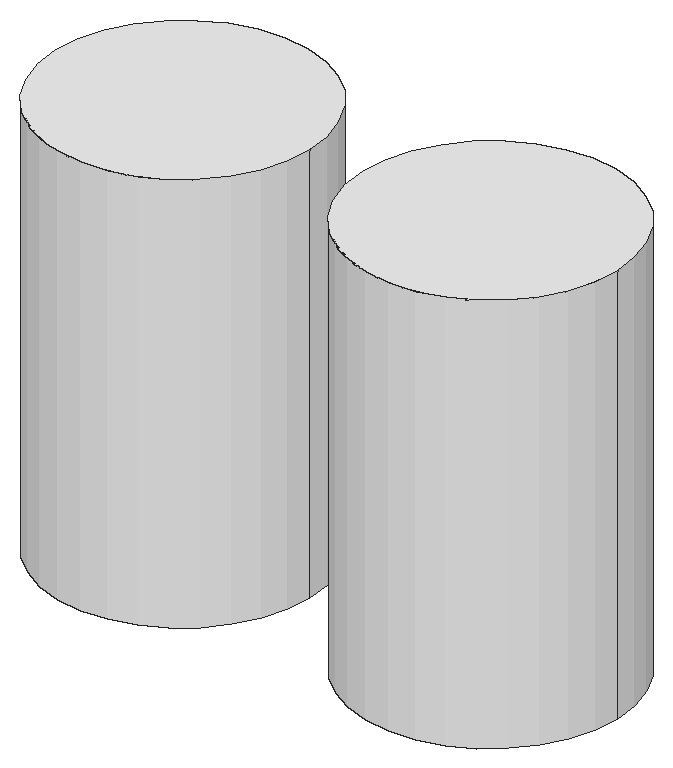
Revit family "514222930037", category Plumbing Fixtures, Revit 2018
Family settings
  Round Connector Dimension = Use Diameter
  Part Type = Normal
  OmniClass Number = 23.45.55.00
  OmniClass Title = Sanitary Faucets, Wastes
  Work Plane-Based = No
  Always vertical = Yes
  Cut with Voids When Loaded = No
  Shared = No
  Room Calculation Point = No
Parameters (values of type "514222930037 Washbasin faucet ")
  WorkingPressure = "50 - 1000 kPa"
  Working Pressure = "50 - 1000 kPa"
  WarrantyStartDate [instance] = "n/a"
  WarrantyGuarantorParts = "n/a"
  WarrantyGuarantorLabor = "n/a"
  WarrantyDurationUnit = "Year"
  WarrantyDurationParts = "n/a"
  WarrantyDurationLabor = "n/a"
  WarrantyDescription = "http://warranty.hansa.com"
  Warranty Information URL = "http://warranty.hansa.com"
  VersionDate = "01/07/2022"
  Version = "3"  # constant formula
  ValvePattern = "n/a"
  ValveOperation = "n/a"
  ValveMechanism = "n/a"
  Uniclass2015Reference = "Pr_40_20_87_96"
  Uniclass2015Description = "Washbasin manual water supply sets"
  Uniclass2 = "Pr_40_30_96_96"
  URL REACH = "http://static.hansa.com/doc/reach"
  URL Global Mark = "http://static.hansa.com/Globalmark/514222930037"
  URL Declaration of Conformity = "http://static.hansa.com/DoC/514222930037"
  URL = ""
  UNSPSC Class Number = "30181700 Faucets or taps"
  TestPressure = "n/a"
  Temperature Adjustments = "Limitation option for maximum temperature and flow-rate ;Adjustable hot water stop (included, retrofittable)"
  Temperature = "Temperature limiter;Temperature limiter (retrofittable)"
  Technical DataSheet URL = "http://www.hansa.com/datasheet/514222930037/en"
  TagNumber [instance] = "n/a"
  SustainabilityPerformance = "n/a"
  Surface treatment = "Chrome"
  Spout Type = "Fixed spout"
  Spout Projection = "103 mm"
  Size = "48.5x137x136 mm"
  Shape = "Sculptured"
  SerialNumber [instance] = "n/a"
  Sales Package dimensions (LxWxH) = "540.0 x 146.0 x 59.0"
  Revision = "3"  # constant formula
  ReplacementCost = "n/a"
  ProductInformation = "Washbasin faucet with fixed spout and aerator"
  Product URL = "http://static.hansa.com/514222930037"
  Product Image URL = "http://static.hansa.com/image/514222930037"
  Product Family = "HANSAPOLO "
  Product Code = "514222930037"
  OperatingMechanismMaterial = "n/a"
  NominalWidth = 48.5 mm
  NominalHeight = 137 mm
  NominalDepth = 137 mm
  Noise Class = "I (ISO3822)"
  Name_en = "514222930037 Washbasin faucet"
  Name = "514222930037 Washbasin faucet"
  NBSReference = "45-35-70/371"
  NBSDescription = "Water supply fittings for wash basins and troughs"
  Mounting Holes = "1 hole"
  ModelReference = "514222930037"
  ModelNumber = "n/a"
  Model = "514222930037 Washbasin faucet"
  Mobile Product Information URL = "http://mpi.hansa.com/514222930037"
  Mechanical Parts = "ø 35 mm ceramic cartridge for flow and temperature control"
  Max. Hot Water Supply = 70 °C
  Material = "Brass"
  Market = "International;Australia"
  ManufacturerURL = "http://www.hansa.com"
  ManufacturerName = "HANSA"
  Manufacturer = "HANSA"
  Lever Handle = "Hot/Cold symbols;Single operating lever/handle"
  Interactive AR View URL = "https://static.hansa.com/AR/514222930037"
  InstallationDate [instance] = "n/a"
  Installation and Maintenance Guide URL = "http://static.hansa.com/manual/514222930037"
  Installation Type = "Deck mounted"
  InletConnectionSize = 19 mm
  IfcExportType = "FAUCET"  # constant formula
  IfcExportAs = "IfcValveType"  # constant formula
  Group = "Washbasin faucet"
  Grade = "n/a"
  FlowCoefficient = 0
  Flow Rate At 300kPa With Flow Controller = 0.1 L/s
  Flow Drawing URL = "http://static.hansa.com/flowchart/514222930037"
  Finish = "Polished"
  Features = "Single-lever"
  FaucetMainMaterial = Brass
  FDV Document URL = "http://www.hansa.com/datasheet/514222930037/en/fdv"
  ExpectedLife = "n/a"
  Excluded Items = "Without pop-up waste;Without draw-rod opening"
  ETIM Class Number = "EC011328 Washbasin mixing tap"
  EN Standard = "EN 817"
  EAN Number = "4057304004032"
  DurationUnit = "Year"
  Dimension Drawing URL = "http://static.hansa.com/dimdrw/514222930037"
  Description = "Washbasin faucet with fixed spout and aerator"
  DefaultElevation [instance] = 900 mm
  Constituents = "n/a"
  Connection Size = "G1/2"
  Connection = "Flexible inlet pipes"
  Color = "Chrome"
  CodePerformance = "n/a"
  CloseOffRating = 0
  Certificate Global Mark = "GM-WM-040199-I02-R00"
  Category = "Bathroom"
  Catalog Drawing URL = "http://static.hansa.com/catdrw/514222930037"
  Brand = "HANSA"
  BodyMaterial = "Brass"
  Barcode [instance] = "n/a"
  Backflow Prevention EN1717 = "AA"
  BIMObjectName = "514222930037"
  Author = "BIMStone"
  AssetType = "Fixed"
  AssetIdentifier [instance] = "n/a"
  Aerator = "PCA® - constant flow rate regardless of pressure variations"
  Advanced Features = "Inner body made of DZR brass;Rapid installation system"
  AccessibilityPerformance = "n/a"
  3D View = "https://static.hansa.com/3D/514222930037"
  2D/3D/BIM Files URL = "http://static.hansa.com/bim/514222930037"
Reference planes
  plane 1 "Center (Front/Back)": y = 0
  plane 2: z = 0
  plane 3 "Center (Left/Right)": x = 0
  plane 4: x = -24.25
  plane 5: z = 1037
  plane 6: z = 900
  plane 7: z = 870
  plane 8: y = -137
  plane 9: x = 24.25
Forms (mm)
  Extrusion 1, solid, material "Brass" <- "FaucetMainMaterial"
    sketch origin (0, 0, 0) x (1, 0, 0) y (0, 1, 0)
      loop
        circle (-11.5, -22.5) r 9.5
      loop
        circle (11.5, -22.5) r 9.5
    from 870 to 900
  Extrusion 2, solid, material "Brass" <- "FaucetMainMaterial", detail levels medium
    sketch origin (0, 0, 0) x (0, 1, 0) y (0, 0, 1)
      loop
        line (-11.837, 1037) -> (-124.122, 1037) -> (-122.074, 1028.126) -> (-62.2, 1027.177)
        arc (-62.2, 1027.177) -> (-58.651, 1025.78) -> (-57.131, 1022.282) r 4.983
        line (-57.131, 1022.282) -> (-56.683, 996.618) -> (-137, 989.601) -> (-137, 987.69) -> (-131.699, 983.242) -> (-135.856, 977.305) -> (-116.182, 963.529) -> (-114.062, 966.556) -> (-77.551, 967.193)
        arc (-77.551, 967.193) -> (-59.309, 959.809) -> (-50.685, 942.118) r 27.474
        line (-50.685, 942.118) -> (-47, 900) -> (0, 900) -> (-11.837, 1037)
    from -24.25 to 24.25
  Extrusion 3, solid, material "Brass" <- "FaucetMainMaterial", detail levels coarse
    sketch origin (0, 0, 0) x (1, 0, 0) y (0, 1, 0)
      loop
        line (-24.25, 0) -> (-24.25, -137) -> (24.25, -137) -> (24.25, 0) -> (-24.25, 0)
    from 900 to 1037
Lines and regions (mm)
  symbolic lines, detail levels medium+fine
    curve 1: line (0, 0, 900) -> (-23.5, 0, 900)
    curve 2: line (-23.5, 0, 900) -> (-23.5, 0, 998.12)
    curve 3: spline (-24.25, 0, 1002.285) -> (-24.238, 0, 1002.205) -> (-24.201, 0, 1002.125) -> (-24.14, 0, 1002.045) -> (-24.055, 0, 1001.966) -> (-23.945, 0, 1001.886) -> (-23.812, 0, 1001.808) -> (-23.654, 0, 1001.729) -> (-23.472, 0, 1001.651) -> (-23.267, 0, 1001.574) -> (-23.039, 0, 1001.498) -> (-22.787, 0, 1001.422) -> (-22.512, 0, 1001.347)
    curve 4: arc (-24.25, 0, 1002.285) -> (-23.247, 0, 1017.942) -> (-21.807, 0, 1033.565) r 561.53
    curve 5: line (-20.482, 0, 1035.174) -> (-14.32, 0, 1036.261)
    curve 6: arc (-14.32, 0, 1036.261) -> (-9.879, 0, 1036.835) -> (-5.404, 0, 1037) r 48.793
    curve 7: line (-5.404, 0, 1037) -> (0, 0, 1037)
    curve 9: line (0, 0, 900) -> (23.5, 0, 900)
    curve 10: line (23.5, 0, 900) -> (23.5, 0, 998.12)
    curve 11: spline (24.25, 0, 1002.285) -> (24.238, 0, 1002.205) -> (24.201, 0, 1002.125) -> (24.14, 0, 1002.045) -> (24.055, 0, 1001.966) -> (23.945, 0, 1001.886) -> (23.812, 0, 1001.808) -> (23.654, 0, 1001.729) -> (23.472, 0, 1001.651) -> (23.267, 0, 1001.574) -> (23.039, 0, 1001.498) -> (22.787, 0, 1001.422) -> (22.512, 0, 1001.347)
    curve 12: arc (24.25, 0, 1002.285) -> (23.247, 0, 1017.942) -> (21.807, 0, 1033.565) r 561.53
    curve 13: line (20.482, 0, 1035.174) -> (14.32, 0, 1036.261)
    curve 14: arc (14.32, 0, 1036.261) -> (9.879, 0, 1036.835) -> (5.404, 0, 1037) r 48.793
    curve 15: line (5.404, 0, 1037) -> (0, 0, 1037)
    curve 16: line (-22.633, 0, 998.988) -> (-22.512, 0, 1001.347)
    curve 17: line (22.633, 0, 998.988) -> (22.512, 0, 1001.347)
    curve 18: arc (-22.633, 0, 998.988) -> (-23.246, 0, 998.734) -> (-23.5, 0, 998.12) r 0.867
    curve 19: arc (22.633, 0, 998.988) -> (23.246, 0, 998.734) -> (23.5, 0, 998.12) r 0.867
    curve 20: arc (-20.482, 0, 1035.174) -> (-21.441, 0, 1034.614) -> (-21.807, 0, 1033.565) r 1.605
    curve 21: arc (20.482, 0, 1035.174) -> (21.441, 0, 1034.614) -> (21.807, 0, 1033.565) r 1.605
    curve 59: line (0, 0, 900) -> (0, -47, 900)
    curve 60: line (0, -47, 900) -> (0, -50.685, 942.118)
    curve 61: arc (0, -50.685, 942.118) -> (0, -59.309, 959.809) -> (0, -77.551, 967.193) r 27.474
    curve 62: line (0, -77.551, 967.193) -> (0, -109.985, 966.627)
    curve 63: arc (0, -109.985, 966.627) -> (0, -111.706, 966.9) -> (0, -113.23, 967.744) r 5.017
    curve 65: line (0, -136.087, 989.68) -> (0, -56.683, 996.618)
    curve 66: line (0, -56.683, 996.618) -> (0, -57.131, 1022.282)
    curve 67: arc (0, -57.131, 1022.282) -> (0, -58.651, 1025.78) -> (0, -62.2, 1027.177) r 4.983
    curve 68: line (0, -62.2, 1027.177) -> (0, -118.76, 1028.074)
    curve 69: arc (0, -118.76, 1028.074) -> (0, -121.312, 1028.98) -> (0, -122.794, 1031.248) r 4.237
    curve 70: line (0, -122.794, 1031.248) -> (0, -123.357, 1033.686)
    curve 71: arc (0, -123.357, 1033.686) -> (0, -123.101, 1034.795) -> (0, -122.07, 1035.277) r 1.299
    curve 72: line (0, -122.07, 1035.277) -> (0, -83.546, 1036.623)
    curve 73: arc (0, -83.546, 1036.623) -> (0, -75.229, 1036.862) -> (0, -66.91, 1037) r 680.589
    curve 74: arc (0, -66.91, 1037) -> (0, -40.52, 1036.693) -> (0, -14.169, 1035.22) r 597.328
    curve 75: arc (0, -14.169, 1035.22) -> (0, -13.191, 1034.767) -> (0, -12.746, 1033.786) r 1.547
    curve 76: line (0, -12.746, 1033.786) -> (0, -9.744, 1014.834)
    curve 77: line (0, -9.744, 1014.834) -> (0, -15.314, 1011.619)
    curve 78: arc (0, -15.314, 1011.619) -> (0, -12.568, 1006.368) -> (0, -11.235, 1000.594) r 23.302
    curve 79: arc (0, -137, 988.684) -> (0, -136.737, 989.36) -> (0, -136.087, 989.68) r 1
    curve 80: arc (0, -137, 988.156) -> (0, -136.906, 987.733) -> (0, -136.643, 987.39) r 1
    curve 81: line (0, -137, 988.684) -> (0, -137, 988.156)
    curve 82: line (0, -116.182, 963.529) -> (0, -135.856, 977.305)
    curve 83: line (0, -131.699, 983.242) -> (0, -135.856, 977.305)
    curve 84: line (0, -113.23, 967.744) -> (0, -116.182, 963.529)
    curve 85: line (0, -131.699, 983.242) -> (0, -136.643, 987.39)
    curve 89: line (0, -11.235, 1000.594) -> (0, -8.819, 1000.805)
    curve 91: line (0, -137, 0) -> (-6.831, -137, 0)
    curve 92: arc (-6.831, -137, 0) -> (-9.954, -136.71, 0) -> (-12.97, -135.849, 0) r 16.95
    curve 93: arc (-12.97, -135.849, 0) -> (-13.9, -135.32, 0) -> (-14.637, -134.545, 0) r 3.659
    curve 94: arc (-14.637, -134.545, 0) -> (-15.74, -132.603, 0) -> (-16.449, -130.485, 0) r 11.565
    curve 95: line (-16.449, -130.485, 0) -> (-22.722, -40.776, 0)
    curve 96: line (0, -137, 0) -> (6.831, -137, 0)
    curve 97: arc (6.831, -137, 0) -> (9.954, -136.71, 0) -> (12.97, -135.849, 0) r 16.95
    curve 98: arc (12.97, -135.849, 0) -> (13.9, -135.32, 0) -> (14.637, -134.545, 0) r 3.659
    curve 99: arc (14.637, -134.545, 0) -> (15.74, -132.603, 0) -> (16.449, -130.485, 0) r 11.565
    curve 100: line (16.449, -130.485, 0) -> (22.722, -40.776, 0)
    curve 102: spline (23.357, -26.09, 0) -> (23.666, -27.298, 0) -> (23.911, -28.52, 0) -> (24.09, -29.752, 0) -> (24.203, -30.993, 0) -> (24.249, -32.237, 0) -> (24.228, -33.482, 0) -> (24.141, -34.725, 0) -> (23.988, -35.961, 0) -> (23.769, -37.187, 0) -> (23.484, -38.401, 0) -> (23.135, -39.598, 0) -> (22.722, -40.776, 0)
    curve 103: arc (23.357, -26.09, 0) -> (0, 0, 0) -> (-23.357, -26.09, 0) r 23.5
    curve 112: spline (-22.722, -40.776, 0) -> (-23.135, -39.598, 0) -> (-23.484, -38.401, 0) -> (-23.769, -37.187, 0) -> (-23.988, -35.961, 0) -> (-24.141, -34.725, 0) -> (-24.228, -33.482, 0) -> (-24.249, -32.237, 0) -> (-24.203, -30.993, 0) -> (-24.09, -29.752, 0) -> (-23.911, -28.52, 0) -> (-23.666, -27.298, 0) -> (-23.357, -26.09, 0)
    curve 117: line (0, 0, 900) -> (0, -8.819, 1000.805)
  symbolic lines, detail levels fine
    curve 8: spline (-22.512, 0, 1001.347) -> (-19.863, 0, 1000.838) -> (-16.168, 0, 1000.405) -> (-11.62, 0, 1000.071) -> (-6.46, 0, 999.854) -> (-0.96, 0, 999.765) -> (4.591, 0, 999.808) -> (9.899, 0, 999.982) -> (14.687, 0, 1000.278) -> (18.7, 0, 1000.679) -> (21.728, 0, 1001.165) -> (23.611, 0, 1001.71) -> (24.25, 0, 1002.285)
    curve 22: line (-15.899, 0, 1034.548) -> (-15.72, 0, 1031.125)
    curve 23: arc (-15.72, 0, 1031.125) -> (-14.393, 0, 1028.344) -> (-11.489, 0, 1027.315) r 4.026
    curve 24: line (-11.489, 0, 1027.315) -> (0, 0, 1027.315)
    curve 25: arc (-14.32, 0, 1036.261) -> (-15.47, 0, 1035.737) -> (-15.899, 0, 1034.548) r 1.629
    curve 26: line (15.899, 0, 1034.548) -> (15.72, 0, 1031.125)
    curve 27: arc (15.72, 0, 1031.125) -> (14.393, 0, 1028.344) -> (11.489, 0, 1027.315) r 4.026
    curve 28: line (11.489, 0, 1027.315) -> (0, 0, 1027.315)
    curve 29: arc (14.32, 0, 1036.261) -> (15.47, 0, 1035.737) -> (15.899, 0, 1034.548) r 1.629
    curve 30: spline (-22.633, 0, 998.988) -> (-21.861, 0, 998.451) -> (-19.6, 0, 997.951) -> (-16.004, 0, 997.522) -> (-11.316, 0, 997.193) -> (-5.858, 0, 996.986) -> (0, 0, 996.915) -> (5.858, 0, 996.986) -> (11.316, 0, 997.193) -> (16.004, 0, 997.522) -> (19.6, 0, 997.951) -> (21.861, 0, 998.451) -> (22.633, 0, 998.988)
    curve 31: spline (10.74, 0, 970.347) -> (10.374, 0, 971.955) -> (9.301, 0, 973.453) -> (7.594, 0, 974.74) -> (5.37, 0, 975.728) -> (2.78, 0, 976.349) -> (0, 0, 976.56) -> (-2.78, 0, 976.349) -> (-5.37, 0, 975.728) -> (-7.594, 0, 974.74) -> (-9.301, 0, 973.453) -> (-10.374, 0, 971.955) -> (-10.74, 0, 970.347) -> (-10.374, 0, 968.738) -> (-9.301, 0, 967.24) -> (-7.594, 0, 965.953) -> (-5.37, 0, 964.965) -> (-2.78, 0, 964.345) -> (0, 0, 964.133) -> (2.78, 0, 964.345) -> (5.37, 0, 964.965) -> (7.594, 0, 965.953) -> (9.301, 0, 967.24) -> (10.374, 0, 968.738) -> (10.74, 0, 970.347)
    curve 32: line (-10.74, 0, 970.347) -> (-10.74, 0, 977.121)
    curve 33: line (10.74, 0, 970.347) -> (10.74, 0, 977.121)
    curve 34: spline (-10.74, 0, 970.633) -> (-11.115, 0, 971.144) -> (-11.425, 0, 971.671) -> (-11.668, 0, 972.211) -> (-11.842, 0, 972.761) -> (-11.948, 0, 973.317) -> (-11.983, 0, 973.877) -> (-11.948, 0, 974.437) -> (-11.842, 0, 974.993) -> (-11.668, 0, 975.543) -> (-11.425, 0, 976.083) -> (-11.115, 0, 976.61) -> (-10.74, 0, 977.121)
    curve 35: line (-11.983, 0, 973.877) -> (-11.983, 0, 976.203)
    curve 36: line (11.983, 0, 973.877) -> (11.983, 0, 976.203)
    curve 37: spline (-11.983, 0, 976.203) -> (-11.574, 0, 978.096) -> (-10.377, 0, 979.86) -> (-8.473, 0, 981.375) -> (-5.991, 0, 982.538) -> (-3.101, 0, 983.269) -> (0, 0, 983.518) -> (3.101, 0, 983.269) -> (5.991, 0, 982.538) -> (8.473, 0, 981.375) -> (10.377, 0, 979.86) -> (11.574, 0, 978.096) -> (11.983, 0, 976.203)
    curve 38: spline (-10.74, 0, 977.121) -> (-9.578, 0, 978.273) -> (-8.088, 0, 979.275) -> (-6.321, 0, 980.092) -> (-4.338, 0, 980.696) -> (-2.207, 0, 981.067) -> (0, 0, 981.192) -> (2.207, 0, 981.067) -> (4.338, 0, 980.696) -> (6.321, 0, 980.092) -> (8.088, 0, 979.275) -> (9.578, 0, 978.273) -> (10.74, 0, 977.121)
    curve 39: spline (10.74, 0, 977.121) -> (11.115, 0, 976.61) -> (11.425, 0, 976.083) -> (11.668, 0, 975.543) -> (11.842, 0, 974.993) -> (11.948, 0, 974.437) -> (11.983, 0, 973.877) -> (11.948, 0, 973.317) -> (11.842, 0, 972.761) -> (11.668, 0, 972.211) -> (11.425, 0, 971.671) -> (11.115, 0, 971.144) -> (10.74, 0, 970.633)
    curve 40: line (-23.5, 0, 998.12) -> (-17.681, 0, 988.808)
    curve 41: line (-17.681, 0, 988.808) -> (-16.86, 0, 987.494)
    curve 42: arc (-16.86, 0, 987.494) -> (-15.964, 0, 986.671) -> (-14.772, 0, 986.423) r 2.289
    curve 43: line (-3.71, 0, 987.138) -> (-14.772, 0, 986.423)
    curve 44: arc (-3.71, 0, 987.138) -> (-1.858, 0, 987.301) -> (0, 0, 987.355) r 31.816
    curve 45: line (23.5, 0, 998.12) -> (16.86, 0, 987.494)
    curve 46: arc (16.86, 0, 987.494) -> (15.963, 0, 986.67) -> (14.77, 0, 986.422) r 2.29
    curve 47: line (3.71, 0, 987.138) -> (14.77, 0, 986.422)
    curve 48: arc (3.71, 0, 987.138) -> (1.858, 0, 987.301) -> (0, 0, 987.355) r 31.816
    curve 49: line (-23.5, 0, 988.518) -> (-18.651, 0, 977.627)
    curve 50: arc (-18.651, 0, 977.627) -> (-15.357, 0, 972.753) -> (-10.589, 0, 969.307) r 16.858
    curve 51: line (23.5, 0, 988.518) -> (18.651, 0, 977.627)
    curve 52: arc (18.651, 0, 977.627) -> (15.357, 0, 972.753) -> (10.589, 0, 969.307) r 16.858
    curve 53: line (-17.103, 0, 984.092) -> (-17.368, 0, 980.229)
    curve 54: arc (-17.368, 0, 980.229) -> (-16.589, 0, 975.346) -> (-13.751, 0, 971.296) r 11.008
    curve 55: arc (-14.772, 0, 986.423) -> (-16.42, 0, 985.741) -> (-17.103, 0, 984.092) r 2.331
    curve 56: line (17.103, 0, 984.092) -> (17.368, 0, 980.229)
    curve 57: arc (17.368, 0, 980.229) -> (16.589, 0, 975.346) -> (13.751, 0, 971.296) r 11.008
    curve 58: arc (14.772, 0, 986.423) -> (16.42, 0, 985.741) -> (17.103, 0, 984.092) r 2.331
    curve 64: line (0, -113.23, 967.744) -> (0, -131.699, 983.242)
    curve 86: line (0, -15.314, 1011.619) -> (0, -31.179, 1002.459)
    curve 87: line (0, -56.746, 1000.222) -> (0, -31.179, 1002.459)
    curve 88: line (0, -56.683, 996.618) -> (0, -11.235, 1000.594)
    curve 90: spline (-16.871, -49.542, 0) -> (-17.505, -48.918, 0) -> (-18.114, -48.272, 0) -> (-18.699, -47.604, 0) -> (-19.258, -46.915, 0) -> (-19.791, -46.206, 0) -> (-20.296, -45.479, 0) -> (-20.774, -44.734, 0) -> (-21.223, -43.971, 0) -> (-21.643, -43.194, 0) -> (-22.033, -42.401, 0) -> (-22.393, -41.595, 0) -> (-22.722, -40.776, 0)
    curve 101: spline (-23.357, -26.09, 0) -> (-21.412, -21.325, 0) -> (-18.468, -17.081, 0) -> (-14.662, -13.556, 0) -> (-10.172, -10.913, 0) -> (-5.207, -9.276, 0) -> (0, -8.722, 0) -> (5.207, -9.276, 0) -> (10.172, -10.913, 0) -> (14.662, -13.556, 0) -> (18.468, -17.081, 0) -> (21.412, -21.325, 0) -> (23.357, -26.09, 0)
    curve 104: line (0, -123.45, 0) -> (-5, -123.45, 0)
    curve 105: arc (-5, -123.45, 0) -> (-8.178, -122.739, 0) -> (-10.749, -120.742, 0) r 7.456
    curve 106: arc (-10.749, -120.742, 0) -> (-11.709, -119.136, 0) -> (-12.144, -117.316, 0) r 6.19
    curve 107: line (-12.144, -117.316, 0) -> (-15.964, -54.466, 0)
    curve 108: line (0, -123.45, 0) -> (5, -123.45, 0)
    curve 109: arc (5, -123.45, 0) -> (8.178, -122.739, 0) -> (10.749, -120.742, 0) r 7.456
    curve 110: arc (10.749, -120.742, 0) -> (11.709, -119.136, 0) -> (12.144, -117.316, 0) r 6.19
    curve 111: line (12.144, -117.316, 0) -> (15.964, -54.466, 0)
    curve 113: spline (22.722, -40.776, 0) -> (22.393, -41.595, 0) -> (22.033, -42.401, 0) -> (21.643, -43.194, 0) -> (21.223, -43.971, 0) -> (20.774, -44.734, 0) -> (20.296, -45.479, 0) -> (19.791, -46.206, 0) -> (19.258, -46.915, 0) -> (18.699, -47.604, 0) -> (18.114, -48.272, 0) -> (17.505, -48.918, 0) -> (16.871, -49.542, 0)
    curve 114: spline (18.875, -45.082, 0) -> (21.467, -38.062, 0) -> (21.469, -30.592, 0) -> (18.881, -23.572, 0) -> (14.014, -17.848, 0) -> (7.457, -14.112, 0) -> (0, -12.815, 0) -> (-7.457, -14.112, 0) -> (-14.014, -17.848, 0) -> (-18.881, -23.572, 0) -> (-21.469, -30.592, 0) -> (-21.467, -38.062, 0) -> (-18.875, -45.082, 0)
    curve 115: arc (-15.964, -54.466, 0) -> (-16.854, -49.598, 0) -> (-18.875, -45.082, 0) r 20.664
    curve 116: arc (15.964, -54.466, 0) -> (16.854, -49.598, 0) -> (18.875, -45.082, 0) r 20.664
Dimensions and locks
  "NominalHeight": plane 5 to plane 6
  "DefaultElevation": plane 6 to level
  locked: plane 6 to plane 7 at 30
  "NominalDepth": plane 8 to plane 1 "Center (Front/Back)"
  equal spacing: plane 4, plane 3 "Center (Left/Right)", plane 9
  "NominalWidth": plane 4 to plane 9
  "InletConnectionSize": diameter of Extrusion 1 sketch curve  (x2)
  aligned and locked: level to plane 2
  aligned and locked: plane 6 to Extrusion 1
  aligned and locked: Extrusion 1 to plane 7
  aligned and locked: Extrusion 3 to plane 6
  aligned and locked: plane 5 to Extrusion 3
  aligned and locked: plane 6 to import instance
Automatic sketch dimensions
  curve 101 to plane 4 = 0 mm
  curve 90 to plane 4 = 0 mm
  curve 112 to plane 4 = 0 mm
  curve 113 to plane 4 = 0 mm
  curve 102 to plane 4 = 0 mm
  plane 8 to curve 92 = 0 mm
  curve 96 to plane 3 "Center (Left/Right)" = 0 mm
  curve 90 to plane 3 "Center (Left/Right)" = 0 mm
  curve 101 to plane 3 "Center (Left/Right)" = 0 mm
  curve 102 to plane 3 "Center (Left/Right)" = 0 mm
  curve 113 to plane 3 "Center (Left/Right)" = 0 mm
  curve 108 to plane 3 "Center (Left/Right)" = 0 mm
  curve 103 to plane 3 "Center (Left/Right)" = 0 mm
  curve 114 to plane 3 "Center (Left/Right)" = 0 mm
  curve 112 to plane 3 "Center (Left/Right)" = 0 mm
  curve 115 to plane 4 = 12.34 mm
  plane 4 to curve 95 = 1.528 mm
  plane 4 to curve 95 = 7.801 mm
  plane 4 to curve 107 = 8.286 mm
  plane 4 to curve 107 = 12.106 mm
  curve 95 to curve 93 = 4.805 mm
  curve 106 to curve 92 = 5.313 mm
  curve 92 to curve 106 = 0.855 mm
  curve 94 to plane 3 "Center (Left/Right)" = 5.179 mm
  curve 92 to curve 104 = 1.831 mm
  plane 3 "Center (Left/Right)" to curve 108 = 5 mm
  curve 108 to curve 99 = 0.179 mm
  curve 109 to curve 110 = 0.976 mm
  curve 110 to curve 97 = 0.855 mm
  curve 98 to plane 8 = 4.562 mm
  curve 97 to curve 98 = 4.813 mm
  curve 97 to curve 111 = 5.313 mm
  plane 9 to curve 111 = 8.286 mm
  curve 98 to curve 100 = 4.805 mm
  plane 9 to curve 100 = 1.528 mm
  curve 116 to plane 9 = 12.34 mm
  curve 93 to plane 8 = 4.562 mm
  curve 93 to curve 95 = 1.953 mm
  curve 98 to curve 100 = 1.953 mm
  curve 98 to curve 99 = 4.55 mm
  curve 93 to curve 94 = 4.55 mm
  curve 94 to curve 104 = 4.438 mm
  curve 109 to curve 97 = 3.4 mm
  curve 105 to curve 92 = 3.4 mm
  curve 92 to curve 107 = 2.733 mm
  curve 97 to curve 111 = 2.733 mm
  curve 97 to curve 110 = 3.25 mm
  curve 92 to curve 106 = 3.25 mm
  curve 106 to curve 105 = 0.806 mm
  curve 110 to curve 109 = 0.806 mm
  plane 1 "Center (Front/Back)" to curve 115 = 55.719 mm
  curve 116 to curve 111 = 1.254 mm
  curve 115 to curve 107 = 1.254 mm
  curve 115 to curve 95 = 13.69 mm
  curve 111 to curve 100 = 13.69 mm
  plane 1 "Center (Front/Back)" to curve 103 = 23.5 mm
  plane 4 to curve 103 = 0.893 mm
  plane 4 to curve 115 = 5.375 mm
  curve 115 to curve 90 = 2.004 mm
  curve 93 to curve 94 = 0 mm
  curve 98 to curve 97 = 0 mm
  curve 113 to curve 114 = 2.004 mm
  plane 9 to curve 114 = 2.451 mm
  curve 113 to curve 114 = 4.46 mm
  curve 114 to curve 90 = 1.844 mm
  curve 101 to curve 90 = 0 mm
  curve 112 to curve 113 = 0 mm
  Extrusion 3 sketch curve to plane 4 = 0 mm
  plane 8 to Extrusion 3 sketch curve = 0 mm
  Extrusion 3 sketch curve to plane 9 = 0 mm
  Extrusion 3 sketch curve to plane 1 "Center (Front/Back)" = 0 mm
  Extrusion 2 sketch curve to plane 8 = 0 mm
  Extrusion 2 sketch curve to plane 6 = 0 mm
  Extrusion 2 sketch curve to plane 5 = 0 mm
  Extrusion 2 sketch curve to plane 1 "Center (Front/Back)" = 0 mm
  Extrusion 2 sketch curve to plane 8 = 1.144 mm
  Extrusion 2 sketch curve to plane 8 = 5.301 mm
  Extrusion 2 sketch curve to plane 8 = 12.878 mm
  Extrusion 2 sketch curve to Extrusion 2 sketch curve = 2.049 mm
  Extrusion 2 sketch curve to plane 8 = 20.818 mm
  Extrusion 2 sketch curve to Extrusion 2 sketch curve = 2.12 mm
  Extrusion 2 sketch curve to Extrusion 2 sketch curve = 36.007 mm
  Extrusion 2 sketch curve to Extrusion 2 sketch curve = 0.503 mm
  Extrusion 2 sketch curve to plane 5 = 9.823 mm
  Extrusion 2 sketch curve to Extrusion 2 sketch curve = 59.874 mm
  Extrusion 2 sketch curve to Extrusion 2 sketch curve = 0.087 mm
  Extrusion 2 sketch curve to plane 5 = 14.718 mm
  Extrusion 2 sketch curve to Extrusion 2 sketch curve = 4.982 mm
  Extrusion 2 sketch curve to Extrusion 2 sketch curve = 0.448 mm
  Extrusion 2 sketch curve to Extrusion 2 sketch curve = 27.37 mm
  Extrusion 2 sketch curve to Extrusion 2 sketch curve = 3.685 mm
  plane 6 to Extrusion 2 sketch curve = 39.723 mm
  Extrusion 2 sketch curve to Extrusion 2 sketch curve = 2.395 mm
  Extrusion 2 sketch curve to Extrusion 2 sketch curve = 3.664 mm
  Extrusion 2 sketch curve to Extrusion 2 sketch curve = 3.027 mm
  Extrusion 2 sketch curve to Extrusion 2 sketch curve = 4.448 mm
  Extrusion 2 sketch curve to Extrusion 2 sketch curve = 1.911 mm
  Extrusion 2 sketch curve to Extrusion 2 sketch curve = 25.664 mm
  Extrusion 2 sketch curve to plane 5 = 8.874 mm
  plane 1 "Center (Front/Back)" to Extrusion 2 sketch curve = 11.837 mm
  curve 81 to plane 8 = 0 mm
  curve 73 to plane 5 = 0 mm
  curve 74 to plane 5 = 0 mm
  curve 59 to plane 6 = 0 mm
  curve 59 to plane 1 "Center (Front/Back)" = 0 mm
  curve 85 to plane 8 = 0.357 mm
  curve 80 to plane 8 = 1 mm
  curve 79 to curve 80 = 0 mm
  curve 82 to plane 8 = 1.144 mm
  curve 64 to plane 8 = 5.301 mm
  curve 70 to plane 5 = 3.314 mm
  curve 70 to plane 8 = 13.643 mm
  curve 70 to plane 5 = 5.752 mm
  curve 70 to curve 70 = 0.563 mm
  curve 70 to curve 71 = 1.266 mm
  curve 72 to plane 5 = 1.723 mm
  curve 71 to curve 72 = 0.021 mm
  curve 68 to plane 5 = 8.926 mm
  curve 70 to curve 68 = 4.035 mm
  curve 71 to curve 69 = 3.399 mm
  curve 82 to plane 8 = 20.818 mm
  curve 82 to curve 84 = 2.952 mm
  curve 63 to curve 63 = 3.157 mm
  curve 64 to curve 62 = 3.245 mm
  curve 72 to plane 5 = 0.377 mm
  curve 69 to curve 72 = 35.147 mm
  curve 62 to curve 61 = 31.931 mm
  curve 61 to curve 62 = 0.503 mm
  curve 68 to plane 5 = 9.823 mm
  curve 72 to curve 68 = 21.346 mm
  curve 68 to curve 67 = 0.087 mm
  plane 1 "Center (Front/Back)" to curve 74 = 60.664 mm
  plane 1 "Center (Front/Back)" to curve 73 = 59.793 mm
  curve 66 to plane 5 = 14.718 mm
  curve 67 to curve 66 = 4.982 mm
  curve 66 to curve 66 = 0.448 mm
  curve 61 to curve 60 = 27.37 mm
  curve 60 to curve 59 = 3.685 mm
  curve 65 to curve 78 = 22.261 mm
  curve 78 to curve 86 = 3.242 mm
  plane 1 "Center (Front/Back)" to curve 77 = 15.314 mm
  curve 75 to plane 5 = 3.322 mm
  plane 1 "Center (Front/Back)" to curve 75 = 14.289 mm
  curve 76 to plane 5 = 3.214 mm
  curve 75 to curve 76 = 1.543 mm
  plane 1 "Center (Front/Back)" to curve 89 = 11.235 mm
  curve 78 to curve 76 = 5.569 mm
  level to curve 74 = 439.705 mm
  plane 6 to curve 61 = 39.723 mm
  curve 61 to curve 60 = 2.395 mm
  curve 82 to curve 61 = 3.664 mm
  curve 82 to curve 62 = 3.098 mm
  curve 63 to curve 84 = 1.117 mm
  curve 64 to curve 85 = 4.148 mm
  curve 80 to curve 79 = 0.528 mm
  curve 65 to curve 78 = 1.664 mm
  curve 78 to curve 89 = 2.312 mm
  curve 78 to curve 87 = 4.177 mm
  curve 78 to curve 76 = 3.215 mm
  curve 79 to plane 8 = 0.913 mm
  curve 65 to curve 79 = 0 mm
  curve 87 to plane 5 = 36.778 mm
  curve 88 to curve 117 = 2.415 mm
  curve 88 to curve 89 = 0.211 mm
  curve 3 to plane 4 = 0 mm
  curve 8 to plane 4 = 0 mm
  curve 2 to plane 6 = 0 mm
  curve 7 to plane 5 = 0 mm
  curve 48 to plane 3 "Center (Left/Right)" = 0 mm
  curve 39 to plane 3 "Center (Left/Right)" = 0 mm
  curve 11 to plane 3 "Center (Left/Right)" = 0 mm
  curve 38 to plane 3 "Center (Left/Right)" = 0 mm
  curve 9 to plane 3 "Center (Left/Right)" = 0 mm
  curve 37 to plane 3 "Center (Left/Right)" = 0 mm
  curve 8 to plane 3 "Center (Left/Right)" = 0 mm
  curve 30 to plane 3 "Center (Left/Right)" = 0 mm
  curve 7 to plane 3 "Center (Left/Right)" = 0 mm
  curve 24 to plane 3 "Center (Left/Right)" = 0 mm
  curve 31 to plane 3 "Center (Left/Right)" = 0 mm
  curve 3 to plane 3 "Center (Left/Right)" = 0 mm
  curve 34 to plane 3 "Center (Left/Right)" = 0 mm
  curve 12 to plane 5 = 62.774 mm
  curve 12 to plane 4 = 512.328 mm
  plane 4 to curve 2 = 0.75 mm
  curve 18 to curve 18 = 0.867 mm
  plane 4 to curve 16 = 1.738 mm
  curve 5 to plane 5 = 1.826 mm
  plane 4 to curve 5 = 3.768 mm
  curve 5 to curve 20 = 0.279 mm
  plane 4 to curve 49 = 5.599 mm
  curve 49 to curve 41 = 5.819 mm
  curve 50 to curve 53 = 1.283 mm
  curve 53 to curve 53 = 0.265 mm
  curve 40 to curve 41 = 0.821 mm
  curve 22 to plane 5 = 2.452 mm
  curve 20 to curve 22 = 4.304 mm
  curve 25 to curve 22 = 0.179 mm
  curve 42 to curve 42 = 1.941 mm
  curve 42 to curve 43 = 0.147 mm
  curve 25 to curve 5 = 1.579 mm
  curve 5 to curve 25 = 0.047 mm
  curve 53 to curve 35 = 5.385 mm
  curve 23 to curve 23 = 4.02 mm
  curve 23 to curve 24 = 0.211 mm
  curve 35 to curve 32 = 1.243 mm
  curve 34 to curve 54 = 4.354 mm
  curve 6 to plane 3 "Center (Left/Right)" = 5.848 mm
  curve 7 to plane 3 "Center (Left/Right)" = 5.404 mm
  curve 6 to curve 43 = 2.138 mm
  curve 44 to curve 50 = 0.46 mm
  plane 3 "Center (Left/Right)" to curve 15 = 5.404 mm
  curve 47 to curve 14 = 2.138 mm
  curve 57 to curve 33 = 4.354 mm
  curve 14 to curve 28 = 6.085 mm
  curve 27 to curve 27 = 0.211 mm
  curve 27 to curve 29 = 2.573 mm
  curve 13 to plane 5 = 0.739 mm
  curve 29 to curve 13 = 0.047 mm
  curve 14 to curve 47 = 8.922 mm
  curve 46 to curve 58 = 0.002 mm
  curve 58 to curve 46 = 0.146 mm
  curve 26 to plane 5 = 5.875 mm
  curve 29 to curve 26 = 1.447 mm
  curve 26 to plane 5 = 2.452 mm
  curve 29 to curve 26 = 1.626 mm
  curve 58 to curve 56 = 2.331 mm
  curve 56 to curve 56 = 0.265 mm
  curve 56 to curve 51 = 1.283 mm
  plane 9 to curve 21 = 4.047 mm
  curve 13 to plane 5 = 1.826 mm
  curve 21 to curve 13 = 0.279 mm
  plane 9 to curve 17 = 1.738 mm
  plane 9 to curve 9 = 0.75 mm
  curve 4 to plane 5 = 62.774 mm
  curve 4 to plane 9 = 512.328 mm
  curve 48 to curve 14 = 32.67 mm
  curve 36 to curve 14 = 12.006 mm
  curve 35 to curve 32 = 0.918 mm
  curve 37 to curve 51 = 1.425 mm
  curve 35 to curve 49 = 1.425 mm
  curve 34 to curve 54 = 2.355 mm
  curve 33 to curve 57 = 2.355 mm
  curve 50 to curve 53 = 2.602 mm
  curve 52 to curve 56 = 2.602 mm
  curve 53 to curve 55 = 3.863 mm
  curve 57 to curve 58 = 3.863 mm
  curve 54 to curve 50 = 5.008 mm
  curve 47 to curve 58 = 0.001 mm
  curve 47 to curve 14 = 1.071 mm
  curve 42 to curve 41 = 1.071 mm
  curve 44 to curve 6 = 1.071 mm
  curve 58 to curve 46 = 2.284 mm
  curve 42 to curve 41 = 1.314 mm
  curve 40 to curve 2 = 9.312 mm
  curve 30 to curve 16 = 2.36 mm
  curve 19 to curve 17 = 2.36 mm
  curve 28 to curve 27 = 3.81 mm
  curve 22 to curve 25 = 3.423 mm
  curve 20 to curve 5 = 1.58 mm
  curve 21 to curve 21 = 1.58 mm
  curve 20 to curve 20 = 1.604 mm
  curve 38 to curve 39 = 0 mm
  curve 46 to curve 46 = 1.942 mm
  curve 21 to curve 12 = 1.604 mm
  curve 31 to curve 33 = 0 mm
  curve 32 to curve 34 = 0.286 mm
  curve 33 to curve 39 = 0.286 mm
  curve 38 to curve 34 = 0 mm
  curve 35 to curve 37 = 2.326 mm
  curve 36 to curve 39 = 0 mm
  curve 45 to curve 51 = 1.024 mm
  curve 49 to curve 40 = 0.29 mm
  curve 44 to curve 48 = 0 mm
  plane 3 "Center (Left/Right)" to curve 52 = 3.25 mm
  curve 52 to curve 47 = 0.46 mm
  curve 52 to curve 48 = 2.654 mm
  curve 32 to curve 50 = 0.151 mm
  curve 52 to curve 33 = 1.04 mm
  curve 50 to curve 32 = 1.04 mm
  Extrusion 1 sketch curve to plane 3 "Center (Left/Right)" = 11.5 mm
  plane 3 "Center (Left/Right)" to Extrusion 1 sketch curve = 11.5 mm
  plane 1 "Center (Front/Back)" to Extrusion 1 sketch curve = 22.5 mm  (x2)
Nested families
  nested 1: "Symbol" at (0, 0, 0), type "Symbol", detail levels coarse
Connectors
  piping at (-11.5, -22.5, 870), diameter 19, driven by "InletConnectionSize"
    settings: on Extrusion 1, index 1, connector inside diameter 609.6 mm, connector length 0 mm, flow factor 0, pipe flow 0.1 L/s, pressure drop 0.0 Pa, fitting loss kfactor 0, connector angle 0.00°, fixture units 0, engagement length 0 mm, angle of deflection 0.00°, flow configuration 1, flow direction 1, fitting loss method 0, system type 19, joint type 0, gender type 0, connector reference index -1, connector utility 0, adjustable connector no, is connector primary yes, connector description ""
  piping at (11.5, -22.5, 870), diameter 19, driven by "InletConnectionSize"
    settings: on Extrusion 1, index 2, connector inside diameter 609.6 mm, connector length 0 mm, flow factor 0, pipe flow 0.1 L/s, pressure drop 0.0 Pa, fitting loss kfactor 0, connector angle 0.00°, fixture units 0, engagement length 0 mm, angle of deflection 0.00°, flow configuration 1, flow direction 1, fitting loss method 0, system type 20, joint type 0, gender type 0, connector reference index -1, connector utility 0, adjustable connector no, is connector primary no, connector description ""
Definition of nested family "Symbol"
  Reference planes
    plane 1: y = 0
    plane 2: x = 0
  Lines and regions (mm)
    detail lines
      curve 1: line (0, 0, 0) -> (0, -1.8, 0)
      curve 2: line (-0.4, -1.1, 0) -> (0.4, -1.1, 0)
      curve 3: line (-0.4, -1.4, 0) -> (0.4, -1.4, 0)
      curve 4: line (0.863, 0, 0) -> (-0.863, 0, 0)
      curve 5: circle (-1.163, 0, 0) r 0.3 normal (0, 0, -1)
      curve 6: circle (1.163, 0, 0) r 0.3 normal (0, 0, 1)
